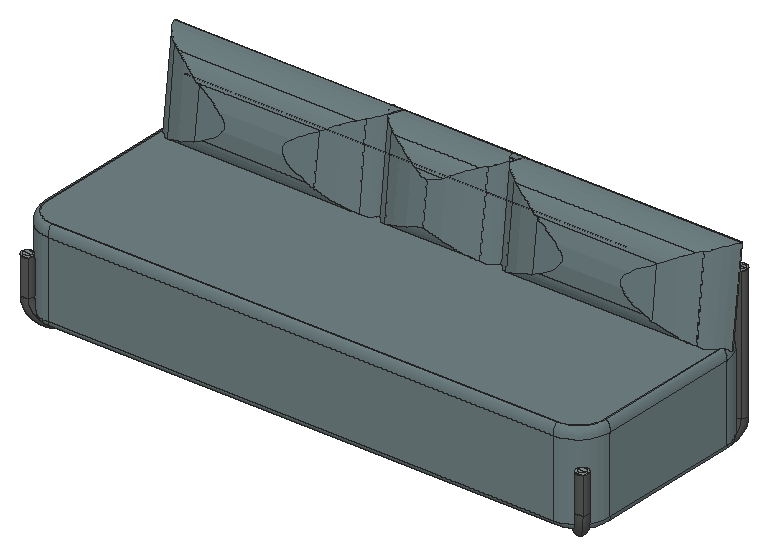
Revit family "FU_Modular_Sandler_Cosmo 1507", category Furniture, Revit 2020
Family settings
  OmniClass Number = 23.40.20.00
  OmniClass Title = General Furniture and Specialties
  Work Plane-Based = No
  Always vertical = Yes
  Cut with Voids When Loaded = No
  Shared = No
  Room Calculation Point = No
Parameters (values of type "Cosmo 1507")
  Width = 2370 mm
  URL = "https://www.sandlerseating.com/product/cosmo-1507/"
  Seat [instance] = Fabric - X2 - Polygon AK002
  Model = "Cosmo 1507"
  Manufacturer = "Sandler"
  Height = 800 mm
  Frame [instance] = Metal - Paint -AL VR - Matt Jet Black
  Description = "Three-seat sofa without armrests. Can be linked with other elements in the Cosmo range as a sectional sofa, or used as freestanding lounge seating."
  Depth = 880 mm
  Default Elevation = 0 mm
Reference planes
  plane 1 "Center (Front/Back)": y = 0
  plane 2: z = 0
  plane 3 "Center (Left/Right)": x = 0
  plane 4 "Right": x = -1185
  plane 5 "Left": x = 1185
  plane 6 "Back": y = 440
  plane 7 "Front": y = -440
  plane 8 "Height": z = 800
  plane 9 "Seat height": z = 440
  plane 10 "Frame Base C RIGHT": z = 33.282
  plane 11 "Frame Front C RIGHT": y = -414.45
  plane 12 "Frame Back C RIGHT": y = 415.775
  plane 13 "Frame Left C FRONT": x = 1160.501
  plane 14 "Frame Back Left C TOP": through (839.563, 94.979, 1200) normal (-0.7071, 0.7071, 0)
  plane 15 "Frame Front Left C TOP": through (839.497, -93.945, 1200) normal (0.7071, 0.7071, 0)
  plane 16 "Frame Right C FRONT": x = -1160.501
  plane 17 "Frame Back Right C TOP": through (-839.563, 94.979, 1200) normal (-0.7071, -0.7071, 0)
  plane 18 "Frame Front Right C TOP": through (-839.497, -93.945, 1200) normal (0.7071, -0.7071, 0)
  plane 19: x = 745.068
  plane 20 "Frame Left C FRONT": x = 530.501
  plane 21 "Frame Back Left C TOP": through (209.563, 94.979, 1200) normal (-0.7071, 0.7071, 0)
  plane 22 "Frame Front Left C TOP": through (209.497, -93.945, 1200) normal (0.7071, 0.7071, 0)
  plane 23: x = 115.068
  plane 24: x = -745.068
  plane 25 "Frame Right C FRONT": x = -530.501
  plane 26 "Frame Back Right C TOP": through (-209.563, 94.979, 1200) normal (-0.7071, -0.7071, 0)
  plane 27 "Frame Front Right C TOP": through (-209.497, -93.945, 1200) normal (0.7071, -0.7071, 0)
  plane 28: x = -115.068
  plane 29: z = 290
Forms (mm)
  Sweep 1, solid, material "Metal - Paint -AL VR - Matt Jet Black" <- "Frame"
    path origin (0, 0, 33.282) x (0, -1, 0) y (1, 0, 0)
      loop
        line (319.706, 1065.757) -> (73.771, 819.822)
        arc (73.771, 819.822) -> (-0.733, 788.961) -> (-75.238, 819.822) r 105.365
        line (-75.238, 819.822) -> (-321.173, 1065.757)
    profile "Pro_Circles : 48mm" origin (942.789, -196.738, 33.282) x (-0.707107, -0.707107, 0) y (0, 0, 1)
      loop
        arc (-23.967, 0.067) -> (-17.014, -16.92) -> (-0.066, -23.967) r 23.901
        arc (-0.066, -23.967) -> (16.967, -16.967) -> (23.967, 0.067) r 23.901
        arc (23.967, 0.067) -> (16.92, 17.014) -> (-0.067, 23.967) r 23.9
        arc (-0.067, 23.967) -> (-16.966, 16.966) -> (-23.967, 0.067) r 23.9
  Sweep 2, solid, material "Metal - Paint -AL VR - Matt Jet Black" <- "Frame"
    path origin (372.776, 372.776, 0) x (-0.707107, 0.707107, 0) y (0, 0, 1)
      loop
        line (-977.714, 33.282) -> (-1007.714, 33.282)
        arc (-1007.714, 33.282) -> (-1081.961, 64.036) -> (-1112.714, 138.282) r 105
        line (-1112.714, 138.282) -> (-1112.714, 290)
    profile "Pro_Circles : 48mm" origin (1074.731, -329.179, 33.282) x (0, 0, -1) y (0.707107, 0.707107, 0)
      loop
        arc (-23.967, 0.067) -> (-17.014, -16.92) -> (-0.066, -23.967) r 23.901
        arc (-0.066, -23.967) -> (16.967, -16.967) -> (23.967, 0.067) r 23.901
        arc (23.967, 0.067) -> (16.92, 17.014) -> (-0.067, 23.967) r 23.9
        arc (-0.067, 23.967) -> (-16.966, 16.966) -> (-23.967, 0.067) r 23.9
  Sweep 3, solid, material "Metal - Paint -AL VR - Matt Jet Black" <- "Frame"
    path origin (372.292, -372.292, 0) x (-0.707107, -0.707107, 0) y (0, 0, 1)
      loop
        line (-1112.714, 691) -> (-1112.714, 138.282)
        arc (-1112.714, 138.282) -> (-1081.961, 64.036) -> (-1007.714, 33.282) r 105
        line (-1007.714, 33.282) -> (-977.714, 33.282)
    profile "Pro_Circles : 48mm" origin (1159.1, 414.516, 414.641) x (-0.707107, -0.707107, 0) y (-0.707107, 0.707107, 0)
      loop
        arc (23.967, 0.067) -> (16.966, 16.966) -> (0.067, 23.967) r 23.9
        arc (0.067, 23.967) -> (-16.92, 17.014) -> (-23.967, 0.067) r 23.9
        arc (-23.967, 0.067) -> (-16.967, -16.967) -> (0.066, -23.967) r 23.901
        arc (0.066, -23.967) -> (17.014, -16.92) -> (23.967, 0.067) r 23.901
  Sweep 4, solid, material "Metal - Paint -AL VR - Matt Jet Black" <- "Frame"
    path origin (0, 0, 33.282) x (0, -1, 0) y (-1, 0, 0)
      loop
        line (319.955, 1065.508) -> (74.02, 819.573)
        arc (74.02, 819.573) -> (-0.484, 788.712) -> (-74.988, 819.573) r 105.365
        line (-74.988, 819.573) -> (-321.173, 1065.757)
    profile "Pro_Circles : 48mm" origin (-942.54, -196.988, 33.282) x (-0.707107, 0.707107, 0) y (0, 0, 1)
      loop
        arc (23.967, 0.067) -> (16.966, 16.966) -> (0.067, 23.967) r 23.9
        arc (0.067, 23.967) -> (-16.92, 17.014) -> (-23.967, 0.067) r 23.9
        arc (-23.967, 0.067) -> (-16.967, -16.967) -> (0.066, -23.967) r 23.901
        arc (0.066, -23.967) -> (17.014, -16.92) -> (23.967, 0.067) r 23.901
  Sweep 5, solid, material "Metal - Paint -AL VR - Matt Jet Black" <- "Frame"
    path origin (-687.97, 57.582, 0) x (0.707107, 0.707107, 0) y (0, 0, 1)
      loop
        line (-532.237, 33.282) -> (-562.237, 33.282)
        arc (-562.237, 33.282) -> (-636.483, 64.036) -> (-667.237, 138.282) r 105
        line (-667.237, 138.282) -> (-667.237, 290)
    profile "Pro_Circles : 48mm" origin (-1074.925, -329.373, 33.282) x (0, 0, 1) y (-0.707107, 0.707107, 0)
      loop
        arc (23.967, 0.067) -> (16.966, 16.966) -> (0.067, 23.967) r 23.9
        arc (0.067, 23.967) -> (-16.92, 17.014) -> (-23.967, 0.067) r 23.9
        arc (-23.967, 0.067) -> (-16.967, -16.967) -> (0.066, -23.967) r 23.901
        arc (0.066, -23.967) -> (17.014, -16.92) -> (23.967, 0.067) r 23.901
  Sweep 6, solid, material "Metal - Paint -AL VR - Matt Jet Black" <- "Frame"
    path origin (-687.087, -57.497, 0) x (0.707107, -0.707107, 0) y (0, 0, 1)
      loop
        line (-667.237, 691) -> (-667.237, 138.282)
        arc (-667.237, 138.282) -> (-636.483, 64.036) -> (-562.237, 33.282) r 105
        line (-562.237, 33.282) -> (-532.237, 33.282)
    profile "Pro_Circles : 48mm" origin (-1158.895, 414.31, 414.641) x (-0.707107, 0.707107, 0) y (0.707107, 0.707107, 0)
      loop
        arc (-23.967, 0.067) -> (-17.014, -16.92) -> (-0.066, -23.967) r 23.901
        arc (-0.066, -23.967) -> (16.967, -16.967) -> (23.967, 0.067) r 23.901
        arc (23.967, 0.067) -> (16.92, 17.014) -> (-0.067, 23.967) r 23.9
        arc (-0.067, 23.967) -> (-16.966, 16.966) -> (-23.967, 0.067) r 23.9
  Sweep 7, solid, material "Metal - Paint -AL VR - Matt Jet Black" <- "Frame"
    path origin (0, 415.775, 0) x (0, 0, 1) y (1, 0, 0)
      loop
        line (667.39, -1160.832) -> (667.39, 1160.168)
    profile "Pro_Cosmo_Oval Tube : Pro_Cosmo_Oval Tube" origin (-0.332, 415.775, 667.39) x (0, 0, -1) y (0, 1, 0)
      loop
        arc (-10.07, 10) -> (-20.07, 0) -> (-10.07, -10) r 10
        line (-10.07, -10) -> (10.07, -10)
        arc (10.07, -10) -> (20.07, 0) -> (10.07, 10) r 10
        line (10.07, 10) -> (-10.07, 10)
  Sweep 8, solid, material "Metal - Paint -AL VR - Matt Jet Black" <- "Frame"
    path origin (0, 415.775, 0) x (0, 0, 1) y (1, 0, 0)
      loop
        line (619.39, -1160.832) -> (619.39, 1160.168)
    profile "Pro_Cosmo_Oval Tube : Pro_Cosmo_Oval Tube" origin (-0.332, 415.775, 619.39) x (0, 0, -1) y (0, 1, 0)
      loop
        arc (-10.07, 10) -> (-20.07, 0) -> (-10.07, -10) r 10
        line (-10.07, -10) -> (10.07, -10)
        arc (10.07, -10) -> (20.07, 0) -> (10.07, 10) r 10
        line (10.07, 10) -> (-10.07, 10)
  Sweep 9, solid, material "Metal - Paint -AL VR - Matt Jet Black" <- "Frame"
    path origin (-77.135, 440, 0) x (-1, 0, 0) y (0, 0, 1)
      loop
        line (963.919, 643.39) -> (296.919, 643.39)
    profile "Pro_Circles : 20mm" origin (-707.553, 440, 643.39) x (0, 0, -1) y (0, 1, 0)
      loop
        arc (-9.967, -5.933) -> (-7.115, -13.02) -> (-0.067, -15.967) r 9.901
        arc (-0.067, -15.967) -> (7.068, -13.068) -> (9.967, -5.933) r 9.901
        arc (9.967, -5.933) -> (7.02, 1.115) -> (-0.067, 3.967) r 9.901
        arc (-0.067, 3.967) -> (-7.067, 1.067) -> (-9.967, -5.933) r 9.9
  Sweep 10, solid, material "Metal - Paint -AL VR - Matt Jet Black" <- "Frame"
    path origin (-1018.834, 415.775, 0) x (0, 0, 1) y (1, 0, 0)
      loop
        line (643.39, 640.957) -> (643.39, 648.957)
    profile "Pro_Circles : 24mm" origin (-373.877, 415.775, 643.39) x (0, 0, -1) y (0, 1, 0)
      loop
        arc (-11.967, 18.567) -> (-8.529, 10.066) -> (-0.067, 6.533) r 11.901
        arc (-0.067, 6.533) -> (8.482, 10.018) -> (11.967, 18.567) r 11.901
        arc (11.967, 18.567) -> (8.434, 27.029) -> (-0.067, 30.467) r 11.901
        arc (-0.067, 30.467) -> (-8.481, 26.981) -> (-11.967, 18.567) r 11.9
  Sweep 11, solid, material "Metal - Paint -AL VR - Matt Jet Black" <- "Frame"
    path origin (-78.502, 415.775, 0) x (0, 0, 1) y (-1, 0, 0)
      loop
        line (643.39, 955.957) -> (643.39, 963.957)
    profile "Pro_Circles : 24mm" origin (-1038.459, 415.775, 643.39) x (0, 0, 1) y (0, 1, 0)
      loop
        arc (11.967, 18.567) -> (8.481, 26.981) -> (0.067, 30.467) r 11.9
        arc (0.067, 30.467) -> (-8.434, 27.029) -> (-11.967, 18.567) r 11.901
        arc (-11.967, 18.567) -> (-8.482, 10.018) -> (0.067, 6.533) r 11.901
        arc (0.067, 6.533) -> (8.529, 10.066) -> (11.967, 18.567) r 11.901
  Revolve 12, solid, material "Rubber, Black"
    sketch origin (-0.781, -414.45, -401) x (0, 0, -1) y (1, 0, 0)
      loop
        line (-695.421, 1160.33) -> (-695.421, 1141.266)
        arc (-695.421, 1141.266) -> (-694.22, 1138.04) -> (-691.201, 1136.385) r 4.933
        arc (-691.201, 1136.385) -> (-690.636, 1136.55) -> (-690.39, 1137.086) r 0.708
        line (-690.39, 1137.086) -> (-690.39, 1138.836) -> (-685.421, 1138.836) -> (-685.421, 1160.33) -> (-695.421, 1160.33)
      axis (-695.421, 1160.33) -> (-685.421, 1160.33)
    angle from 0 to 360
  Revolve 13, solid, material "Rubber, Black"
    sketch origin (0.781, -414.45, -401) x (0, 0, -1) y (-1, 0, 0)
      loop
        line (-695.421, 1160.33) -> (-695.421, 1141.266)
        arc (-695.421, 1141.266) -> (-694.22, 1138.04) -> (-691.201, 1136.385) r 4.933
        arc (-691.201, 1136.385) -> (-690.636, 1136.55) -> (-690.39, 1137.086) r 0.708
        line (-690.39, 1137.086) -> (-690.39, 1138.836) -> (-685.421, 1138.836) -> (-685.421, 1160.33) -> (-695.421, 1160.33)
      axis (-695.421, 1160.33) -> (-685.421, 1160.33)
    angle from 0 to 360
  Revolve 14, solid, material "Rubber, Black"
    sketch origin (-0.781, 414.001, 0) x (0, 0, -1) y (-1, 0, 0)
      loop
        line (-695.421, -1160.33) -> (-685.421, -1160.33) -> (-685.421, -1138.836) -> (-690.39, -1138.836) -> (-690.39, -1137.086)
        arc (-690.39, -1137.086) -> (-690.636, -1136.55) -> (-691.201, -1136.385) r 0.708
        arc (-691.201, -1136.385) -> (-694.22, -1138.04) -> (-695.421, -1141.266) r 4.933
        line (-695.421, -1141.266) -> (-695.421, -1160.33)
      axis (-695.421, -1160.33) -> (-685.421, -1160.33)
    angle from 0 to 360
  Revolve 15, solid, material "Rubber, Black"
    sketch origin (0.781, 414.001, 0) x (0, 0, -1) y (-1, 0, 0)
      loop
        line (-695.421, 1160.33) -> (-695.421, 1141.266)
        arc (-695.421, 1141.266) -> (-694.22, 1138.04) -> (-691.201, 1136.385) r 4.933
        arc (-691.201, 1136.385) -> (-690.636, 1136.55) -> (-690.39, 1137.086) r 0.708
        line (-690.39, 1137.086) -> (-690.39, 1138.836) -> (-685.421, 1138.836) -> (-685.421, 1160.33) -> (-695.421, 1160.33)
      axis (-695.421, 1160.33) -> (-685.421, 1160.33)
    angle from 0 to 360
  Extrusion 16, solid, material "Rubber, Black"
    sketch origin (0, 0, 0) x (1, 0, 0) y (0, 1, 0)
      loop
        circle (1014.746, 270.162) r 12.5
    from 0 to 33.282
  Extrusion 17, solid, material "Rubber, Black"
    sketch origin (0, 0, 0) x (1, 0, 0) y (0, 1, 0)
      loop
        circle (1014.746, -270.162) r 12.5
    from 0 to 33.282
  Extrusion 18, solid, material "Rubber, Black"
    sketch origin (0, 0, 0) x (-1, 0, 0) y (0, -1, 0)
      loop
        circle (1014.746, -270.162) r 12.5
    from 0 to 33.282
  Extrusion 19, solid, material "Rubber, Black"
    sketch origin (0, 0, 0) x (-1, 0, 0) y (0, -1, 0)
      loop
        circle (1014.746, 270.162) r 12.5
    from 0 to 33.282
  Extrusion 20, solid, material "Fabric - X2 - Polygon AK002" <- "Seat"
    sketch origin (0, 0, 33.282) x (0, -1, 0) y (1, 0, 0)
      loop
        arc (-415.775, -1055.667) -> (-383.557, -1133.448) -> (-305.775, -1165.667) r 110
        line (-305.775, -1165.667) -> (304.45, -1165.667)
        arc (304.45, -1165.667) -> (382.232, -1133.448) -> (414.45, -1055.667) r 110
        line (414.45, -1055.667) -> (414.45, 1055.667)
        arc (414.45, 1055.667) -> (382.232, 1133.448) -> (304.45, 1165.667) r 110
        line (304.45, 1165.667) -> (-305.775, 1165.667)
        arc (-305.775, 1165.667) -> (-383.557, 1133.448) -> (-415.775, 1055.667) r 110
        line (-415.775, 1055.667) -> (-415.775, -1055.667)
    from 25.7 to 406.718
  Sweep 21, solid, material "Fabric - X2 - Polygon AK002" <- "Seat"
    path in 3D
      loop
        arc (-1165.667, -304.45, 440) -> (-1133.448, -382.232, 440) -> (-1055.667, -414.45, 440) r 110
        line (-1055.667, -414.45, 440) -> (1055.667, -414.45, 440)
        arc (1055.667, -414.45, 440) -> (1133.448, -382.232, 440) -> (1165.667, -304.45, 440) r 110
        line (1165.667, -304.45, 440) -> (1165.667, 305.775, 440)
        arc (1165.667, 305.775, 440) -> (1133.448, 383.557, 440) -> (1055.667, 415.775, 440) r 110
        line (1055.667, 415.775, 440) -> (-1055.667, 415.775, 440)
        arc (-1055.667, 415.775, 440) -> (-1133.448, 383.557, 440) -> (-1165.667, 305.775, 440) r 110
        line (-1165.667, 305.775, 440) -> (-1165.667, -304.45, 440)
    profile "Pro_Cosmo_SeatEdge : Pro_Cosmo_SeatEdge" origin (-1165.667, 0.662, 440) x (1, 0, 0) y (0, 0, 1)
      loop
        line (-21, -42) -> (-21, -360)
        arc (-21, -360) -> (-14.849, -374.849) -> (0, -381) r 21
        line (0, -381) -> (0, 0)
        spline (0, 0) -> (-2.741, -0.359) -> (-5.435, -1.431) -> (-8.036, -3.197) -> (-10.5, -5.627) -> (-12.784, -8.679) -> (-14.849, -12.302) -> (-16.66, -16.432) -> (-18.187, -21) -> (-19.401, -25.927) -> (-20.284, -31.13) -> (-20.82, -36.518) -> (-21, -42)
  Sweep 22, solid, material "Metal - Paint -AL VR - Matt Jet Black" <- "Frame"
    path origin (-630.774, 440, 0) x (1, 0, 0) y (0, 0, 1)
      loop
        line (858.313, 643.39) -> (403.313, 643.39)
    profile "Pro_Circles : 20mm" origin (0.04, 440, 643.39) x (0, 0, 1) y (0, 1, 0)
      loop
        arc (9.967, -5.933) -> (7.067, 1.067) -> (0.067, 3.967) r 9.9
        arc (0.067, 3.967) -> (-7.02, 1.115) -> (-9.967, -5.933) r 9.901
        arc (-9.967, -5.933) -> (-7.068, -13.068) -> (0.067, -15.967) r 9.901
        arc (0.067, -15.967) -> (7.115, -13.02) -> (9.967, -5.933) r 9.901
  Sweep 23, solid, material "Metal - Paint -AL VR - Matt Jet Black" <- "Frame"
    path origin (415.372, 415.775, 0) x (0, 0, 1) y (-1, 0, 0)
      loop
        line (643.39, 640.957) -> (643.39, 648.957)
    profile "Pro_Circles : 24mm" origin (-229.585, 415.775, 643.39) x (0, 0, 1) y (0, 1, 0)
      loop
        arc (11.967, 18.567) -> (8.481, 26.981) -> (0.067, 30.467) r 11.9
        arc (0.067, 30.467) -> (-8.434, 27.029) -> (-11.967, 18.567) r 11.901
        arc (-11.967, 18.567) -> (-8.482, 10.018) -> (0.067, 6.533) r 11.901
        arc (0.067, 6.533) -> (8.529, 10.066) -> (11.967, 18.567) r 11.901
  Sweep 24, solid, material "Metal - Paint -AL VR - Matt Jet Black" <- "Frame"
    path origin (-729.668, 415.775, 0) x (0, 0, 1) y (1, 0, 0)
      loop
        line (643.39, 955.957) -> (643.39, 963.957)
    profile "Pro_Circles : 24mm" origin (230.29, 415.775, 643.39) x (0, 0, -1) y (0, 1, 0)
      loop
        arc (-11.967, 18.567) -> (-8.529, 10.066) -> (-0.067, 6.533) r 11.901
        arc (-0.067, 6.533) -> (8.482, 10.018) -> (11.967, 18.567) r 11.901
        arc (11.967, 18.567) -> (8.434, 27.029) -> (-0.067, 30.467) r 11.901
        arc (-0.067, 30.467) -> (-8.481, 26.981) -> (-11.967, 18.567) r 11.9
  Sweep 25, solid, material "Metal - Paint -AL VR - Matt Jet Black" <- "Frame"
    path origin (36.64, 440, 0) x (1, 0, 0) y (0, 0, 1)
      loop
        line (963.919, 643.39) -> (296.919, 643.39)
    profile "Pro_Circles : 20mm" origin (667.059, 440, 643.39) x (0, 0, 1) y (0, 1, 0)
      loop
        arc (9.967, -5.933) -> (7.067, 1.067) -> (0.067, 3.967) r 9.9
        arc (0.067, 3.967) -> (-7.02, 1.115) -> (-9.967, -5.933) r 9.901
        arc (-9.967, -5.933) -> (-7.068, -13.068) -> (0.067, -15.967) r 9.901
        arc (0.067, -15.967) -> (7.115, -13.02) -> (9.967, -5.933) r 9.901
  Sweep 26, solid, material "Metal - Paint -AL VR - Matt Jet Black" <- "Frame"
    path origin (978.34, 415.775, 0) x (0, 0, 1) y (-1, 0, 0)
      loop
        line (643.39, 640.957) -> (643.39, 648.957)
    profile "Pro_Circles : 24mm" origin (333.383, 415.775, 643.39) x (0, 0, 1) y (0, 1, 0)
      loop
        arc (11.967, 18.567) -> (8.481, 26.981) -> (0.067, 30.467) r 11.9
        arc (0.067, 30.467) -> (-8.434, 27.029) -> (-11.967, 18.567) r 11.901
        arc (-11.967, 18.567) -> (-8.482, 10.018) -> (0.067, 6.533) r 11.901
        arc (0.067, 6.533) -> (8.529, 10.066) -> (11.967, 18.567) r 11.901
  Sweep 27, solid, material "Metal - Paint -AL VR - Matt Jet Black" <- "Frame"
    path origin (38.007, 415.775, 0) x (0, 0, 1) y (1, 0, 0)
      loop
        line (643.39, 955.957) -> (643.39, 963.957)
    profile "Pro_Circles : 24mm" origin (997.964, 415.775, 643.39) x (0, 0, -1) y (0, 1, 0)
      loop
        arc (-11.967, 18.567) -> (-8.529, 10.066) -> (-0.067, 6.533) r 11.901
        arc (-0.067, 6.533) -> (8.482, 10.018) -> (11.967, 18.567) r 11.901
        arc (11.967, 18.567) -> (8.434, 27.029) -> (-0.067, 30.467) r 11.901
        arc (-0.067, 30.467) -> (-8.481, 26.981) -> (-11.967, 18.567) r 11.9
  Sweep 28, solid, material "Metal - Paint -AL VR - Matt Jet Black" <- "Frame"
    path origin (77.135, 440, 0) x (1, 0, 0) y (0, 0, 1)
      loop
        line (963.919, 643.39) -> (296.919, 643.39)
    profile "Pro_Circles : 20mm" origin (707.553, 440, 643.39) x (0, 0, 1) y (0, 1, 0)
      loop
        arc (9.967, -5.933) -> (7.067, 1.067) -> (0.067, 3.967) r 9.9
        arc (0.067, 3.967) -> (-7.02, 1.115) -> (-9.967, -5.933) r 9.901
        arc (-9.967, -5.933) -> (-7.068, -13.068) -> (0.067, -15.967) r 9.901
        arc (0.067, -15.967) -> (7.115, -13.02) -> (9.967, -5.933) r 9.901
  Sweep 29, solid, material "Metal - Paint -AL VR - Matt Jet Black" <- "Frame"
    path origin (1018.834, 415.775, 0) x (0, 0, 1) y (-1, 0, 0)
      loop
        line (643.39, 640.957) -> (643.39, 648.957)
    profile "Pro_Circles : 24mm" origin (373.877, 415.775, 643.39) x (0, 0, 1) y (0, 1, 0)
      loop
        arc (11.967, 18.567) -> (8.481, 26.981) -> (0.067, 30.467) r 11.9
        arc (0.067, 30.467) -> (-8.434, 27.029) -> (-11.967, 18.567) r 11.901
        arc (-11.967, 18.567) -> (-8.482, 10.018) -> (0.067, 6.533) r 11.901
        arc (0.067, 6.533) -> (8.529, 10.066) -> (11.967, 18.567) r 11.901
  Sweep 30, solid, material "Metal - Paint -AL VR - Matt Jet Black" <- "Frame"
    path origin (78.502, 415.775, 0) x (0, 0, 1) y (1, 0, 0)
      loop
        line (643.39, 955.957) -> (643.39, 963.957)
    profile "Pro_Circles : 24mm" origin (1038.459, 415.775, 643.39) x (0, 0, -1) y (0, 1, 0)
      loop
        arc (-11.967, 18.567) -> (-8.529, 10.066) -> (-0.067, 6.533) r 11.901
        arc (-0.067, 6.533) -> (8.482, 10.018) -> (11.967, 18.567) r 11.901
        arc (11.967, 18.567) -> (8.434, 27.029) -> (-0.067, 30.467) r 11.901
        arc (-0.067, 30.467) -> (-8.481, 26.981) -> (-11.967, 18.567) r 11.9
Cuts and joins
  joined: Sweep 9, Sweep 10, Sweep 11
Lines and regions (mm)
  sketch lines
    curve 1: line (-1165.667, 305.775, 440) -> (-1165.667, -304.45, 440)
    curve 2: arc (-1055.667, -414.45, 440) -> (-1133.448, -382.232, 440) -> (-1165.667, -304.45, 440) r 110
    curve 3: line (-1055.667, -414.45, 440) -> (1055.667, -414.45, 440)
    curve 4: arc (1165.667, -304.45, 440) -> (1133.448, -382.232, 440) -> (1055.667, -414.45, 440) r 110
    curve 5: line (1165.667, -304.45, 440) -> (1165.667, 305.775, 440)
    curve 6: arc (1055.667, 415.775, 440) -> (1133.448, 383.557, 440) -> (1165.667, 305.775, 440) r 110
    curve 7: line (1055.667, 415.775, 440) -> (-1055.667, 415.775, 440)
    curve 8: arc (-1165.667, 305.775, 440) -> (-1133.448, 383.557, 440) -> (-1055.667, 415.775, 440) r 110
Dimensions and locks
  equal spacing: plane 4 "Right", plane 3 "Center (Left/Right)", plane 5 "Left"
  "Width": plane 4 "Right" to plane 5 "Left"
  equal spacing: plane 6 "Back", plane 1 "Center (Front/Back)", plane 7 "Front"
  "Depth": plane 6 "Back" to plane 7 "Front"
  "Height": plane 8 "Height" to level
  plane 9 "Seat height" to level = 440 mm
  locked: plane 4 "Right" to plane 16 "Frame Right C FRONT" at 24.499
  locked: plane 13 "Frame Left C FRONT" to plane 5 "Left" at 24.499
  locked: plane 19 to plane 13 "Frame Left C FRONT" at 415.433
  locked: plane 16 "Frame Right C FRONT" to plane 24 at 415.433
  aligned and locked: level to plane 2
  aligned and locked: Sweep 4 sketch curve to plane 18 "Frame Front Right C TOP"
  aligned and locked: Sweep 4 sketch curve to plane 17 "Frame Back Right C TOP"
Automatic sketch dimensions
  Sweep 1 sketch curve to plane 14 "Frame Back Left C TOP" = 0 mm  (x2)
  plane 19 to Sweep 1 sketch curve = 74.754 mm
  Sweep 1 sketch curve to plane 1 "Center (Front/Back)" = 0.733 mm
  plane 1 "Center (Front/Back)" to Sweep 1 sketch curve = 73.771 mm
  Sweep 1 sketch curve to Sweep 1 sketch curve = 74.504 mm
  Sweep 1 sketch curve to plane 12 "Frame Back C RIGHT" = 94.602 mm
  Sweep 1 sketch curve to plane 11 "Frame Front C RIGHT" = 94.744 mm
  Sweep 1 sketch curve to plane 13 "Frame Left C FRONT" = 94.744 mm
  plane 10 "Frame Base C RIGHT" to Sweep 3 sketch curve = 0 mm
  plane 10 "Frame Base C RIGHT" to Sweep 3 sketch curve = 105 mm
  plane 15 "Frame Front Left C TOP" to Sweep 3 sketch curve = 585.529 mm
  Sweep 3 sketch curve to Sweep 3 sketch curve = 30 mm
  Sweep 3 sketch curve to plane 8 "Height" = 109 mm
  plane 24 to Sweep 4 sketch curve = 74.504 mm
  Sweep 4 sketch curve to plane 1 "Center (Front/Back)" = 74.02 mm
  Sweep 4 sketch curve to Sweep 4 sketch curve = 74.504 mm
  plane 12 "Frame Back C RIGHT" to Sweep 4 sketch curve = 94.602 mm
  plane 11 "Frame Front C RIGHT" to Sweep 4 sketch curve = 94.495 mm
  plane 10 "Frame Base C RIGHT" to Sweep 6 sketch curve = 0 mm
  Sweep 6 sketch curve to plane 10 "Frame Base C RIGHT" = 105 mm
  Sweep 6 sketch curve to plane 18 "Frame Front Right C TOP" = 585.239 mm
  Sweep 6 sketch curve to Sweep 6 sketch curve = 30 mm
  plane 8 "Height" to Sweep 6 sketch curve = 109 mm
  Sweep 7 sketch curve to plane 13 "Frame Left C FRONT" = 0.333 mm
  Sweep 7 sketch curve to plane 8 "Height" = 132.61 mm
  plane 16 "Frame Right C FRONT" to Sweep 7 sketch curve = 0.331 mm
  Sweep 8 sketch curve to plane 13 "Frame Left C FRONT" = 0.333 mm
  plane 9 "Seat height" to Sweep 8 sketch curve = 179.39 mm
  plane 16 "Frame Right C FRONT" to Sweep 8 sketch curve = 0.331 mm
  Sweep 9 sketch curve to plane 8 "Height" = 156.61 mm
  plane 24 to Sweep 9 sketch curve = 371.015 mm
  Sweep 9 sketch curve to plane 16 "Frame Right C FRONT" = 119.448 mm
  Sweep 10 sketch curve to plane 8 "Height" = 156.61 mm
  plane 24 to Sweep 10 sketch curve = 367.191 mm
  Sweep 10 sketch curve to Sweep 10 sketch curve = 8 mm
  plane 8 "Height" to Sweep 11 sketch curve = 156.61 mm
  plane 16 "Frame Right C FRONT" to Sweep 11 sketch curve = 126.042 mm
  Sweep 11 sketch curve to Sweep 11 sketch curve = 8 mm
  Revolve 12 sketch curve to plane 13 "Frame Left C FRONT" = 0.952 mm  (x2)
  Revolve 12 sketch curve to plane 8 "Height" = 505.579 mm
  Revolve 12 sketch curve to Revolve 12 sketch curve = 4.322 mm
  Revolve 12 sketch curve to Revolve 12 sketch curve = 0.611 mm
  Revolve 12 sketch curve to Revolve 12 sketch curve = 0.708 mm
  Revolve 12 sketch curve to Revolve 12 sketch curve = 4.97 mm
  Revolve 12 sketch curve to Revolve 12 sketch curve = 19.065 mm
  Revolve 12 sketch curve to Revolve 12 sketch curve = 2.43 mm
  Revolve 12 sketch curve to Revolve 12 sketch curve = 1.75 mm
  Revolve 12 sketch curve to Revolve 12 sketch curve = 7.372 mm
  Revolve 12 sketch curve to Revolve 12 sketch curve = 19.192 mm
  plane 16 "Frame Right C FRONT" to Revolve 13 sketch curve = 0.952 mm  (x2)
  plane 8 "Height" to Revolve 13 sketch curve = 505.579 mm
  Revolve 13 sketch curve to Revolve 13 sketch curve = 4.322 mm
  Revolve 13 sketch curve to Revolve 13 sketch curve = 0.611 mm
  Revolve 13 sketch curve to Revolve 13 sketch curve = 0.708 mm
  Revolve 13 sketch curve to Revolve 13 sketch curve = 4.97 mm
  Revolve 13 sketch curve to Revolve 13 sketch curve = 19.065 mm
  Revolve 13 sketch curve to Revolve 13 sketch curve = 2.43 mm
  Revolve 13 sketch curve to Revolve 13 sketch curve = 1.75 mm
  Revolve 13 sketch curve to Revolve 13 sketch curve = 7.372 mm
  Revolve 13 sketch curve to Revolve 13 sketch curve = 19.192 mm
  Revolve 14 sketch curve to plane 13 "Frame Left C FRONT" = 0.952 mm  (x2)
  Revolve 14 sketch curve to plane 8 "Height" = 104.579 mm
  Revolve 14 sketch curve to Revolve 14 sketch curve = 4.322 mm
  Revolve 14 sketch curve to Revolve 14 sketch curve = 0.611 mm
  Revolve 14 sketch curve to Revolve 14 sketch curve = 0.708 mm
  Revolve 14 sketch curve to Revolve 14 sketch curve = 4.97 mm
  Revolve 14 sketch curve to Revolve 14 sketch curve = 19.065 mm
  Revolve 14 sketch curve to Revolve 14 sketch curve = 2.43 mm
  Revolve 14 sketch curve to Revolve 14 sketch curve = 1.75 mm
  Revolve 14 sketch curve to Revolve 14 sketch curve = 7.372 mm
  Revolve 14 sketch curve to Revolve 14 sketch curve = 19.192 mm
  Revolve 15 sketch curve to plane 16 "Frame Right C FRONT" = 0.952 mm  (x2)
  Revolve 15 sketch curve to plane 8 "Height" = 104.579 mm
  Revolve 15 sketch curve to Revolve 15 sketch curve = 4.322 mm
  Revolve 15 sketch curve to Revolve 15 sketch curve = 0.611 mm
  Revolve 15 sketch curve to Revolve 15 sketch curve = 0.708 mm
  Revolve 15 sketch curve to Revolve 15 sketch curve = 4.97 mm
  Revolve 15 sketch curve to Revolve 15 sketch curve = 19.065 mm
  Revolve 15 sketch curve to Revolve 15 sketch curve = 2.43 mm
  Revolve 15 sketch curve to Revolve 15 sketch curve = 1.75 mm
  Revolve 15 sketch curve to Revolve 15 sketch curve = 7.372 mm
  Revolve 15 sketch curve to Revolve 15 sketch curve = 19.192 mm
  Extrusion 16 sketch curve to plane 14 "Frame Back Left C TOP" = 0 mm
  Extrusion 16 sketch curve to plane 12 "Frame Back C RIGHT" = 145.613 mm
  plane 13 "Frame Left C FRONT" to Extrusion 17 sketch curve = 145.755 mm
  plane 11 "Frame Front C RIGHT" to Extrusion 17 sketch curve = 144.288 mm
  Extrusion 18 sketch curve to plane 17 "Frame Back Right C TOP" = 0 mm
  plane 12 "Frame Back C RIGHT" to Extrusion 18 sketch curve = 145.613 mm
  Extrusion 19 sketch curve to plane 16 "Frame Right C FRONT" = 145.755 mm
  Extrusion 19 sketch curve to plane 11 "Frame Front C RIGHT" = 144.288 mm
  Extrusion 20 sketch curve to plane 12 "Frame Back C RIGHT" = 0 mm
  plane 11 "Frame Front C RIGHT" to Extrusion 20 sketch curve = 0 mm
  Extrusion 20 sketch curve to Extrusion 20 sketch curve = 110 mm
  plane 16 "Frame Right C FRONT" to Extrusion 20 sketch curve = 5.165 mm
  Extrusion 20 sketch curve to plane 12 "Frame Back C RIGHT" = 110 mm
  Extrusion 20 sketch curve to plane 16 "Frame Right C FRONT" = 104.835 mm
  plane 13 "Frame Left C FRONT" to Extrusion 20 sketch curve = 5.165 mm
  Extrusion 20 sketch curve to plane 11 "Frame Front C RIGHT" = 110 mm
  plane 3 "Center (Left/Right)" to Sweep 22 sketch curve = 227.46 mm
  plane 8 "Height" to Sweep 22 sketch curve = 156.61 mm
  Sweep 22 sketch curve to plane 3 "Center (Left/Right)" = 227.54 mm
  plane 8 "Height" to Sweep 23 sketch curve = 156.61 mm
  plane 3 "Center (Left/Right)" to Sweep 23 sketch curve = 225.585 mm
  Sweep 23 sketch curve to Sweep 23 sketch curve = 8 mm
  Sweep 24 sketch curve to plane 8 "Height" = 156.61 mm
  plane 3 "Center (Left/Right)" to Sweep 24 sketch curve = 226.29 mm
  Sweep 24 sketch curve to Sweep 24 sketch curve = 8 mm
  plane 8 "Height" to Sweep 25 sketch curve = 156.61 mm
  Sweep 25 sketch curve to plane 3 "Center (Left/Right)" = 333.559 mm
  plane 13 "Frame Left C FRONT" to Sweep 25 sketch curve = 159.942 mm
  plane 8 "Height" to Sweep 26 sketch curve = 156.61 mm
  Sweep 26 sketch curve to plane 3 "Center (Left/Right)" = 337.383 mm
  Sweep 26 sketch curve to Sweep 26 sketch curve = 8 mm
  Sweep 27 sketch curve to plane 8 "Height" = 156.61 mm
  Sweep 27 sketch curve to plane 13 "Frame Left C FRONT" = 166.537 mm
  Sweep 27 sketch curve to Sweep 27 sketch curve = 8 mm
  plane 8 "Height" to Sweep 28 sketch curve = 156.61 mm
  plane 19 to Sweep 28 sketch curve = 371.015 mm
  plane 13 "Frame Left C FRONT" to Sweep 28 sketch curve = 119.448 mm
  plane 8 "Height" to Sweep 29 sketch curve = 156.61 mm
  plane 19 to Sweep 29 sketch curve = 367.191 mm
  Sweep 29 sketch curve to Sweep 29 sketch curve = 8 mm
  Sweep 30 sketch curve to plane 8 "Height" = 156.61 mm
  Sweep 30 sketch curve to plane 13 "Frame Left C FRONT" = 126.042 mm
  Sweep 30 sketch curve to Sweep 30 sketch curve = 8 mm
  plane 29 to Sweep 5 sketch curve = 0 mm
  plane 10 "Frame Base C RIGHT" to Sweep 5 sketch curve = 0 mm
  Sweep 5 sketch curve to plane 10 "Frame Base C RIGHT" = 105 mm
  plane 17 "Frame Back Right C TOP" to Sweep 5 sketch curve = 586.488 mm
  Sweep 5 sketch curve to Sweep 5 sketch curve = 30 mm
  plane 29 to Sweep 2 sketch curve = 0 mm
  plane 10 "Frame Base C RIGHT" to Sweep 2 sketch curve = 0 mm
  plane 10 "Frame Base C RIGHT" to Sweep 2 sketch curve = 105 mm
  Sweep 2 sketch curve to plane 14 "Frame Back Left C TOP" = 586.214 mm
  Sweep 2 sketch curve to Sweep 2 sketch curve = 30 mm
  radius of Extrusion 16 sketch curve = 12.5 mm
  radius of Extrusion 17 sketch curve = 12.5 mm
  radius of Extrusion 18 sketch curve = 12.5 mm
  radius of Extrusion 19 sketch curve = 12.5 mm
Nested families
  nested 1: "Cosmo_Cushion_SmlMid" at (0, 321.074, 0) x (0, -1, 0) z (0, 0, 1), Cushion <- "Seat", type "Cosmo_Cushion_SmlMid"
    with Cushion Fabric - X2 - Polygon AK002
  nested 2: "Cosmo_Cushion_Back" at (-706.459, 320.447, 0), Cushion <- "Seat", type "Cosmo_Cushion_Back"
    with Cushion Fabric - X2 - Polygon AK002
  nested 3: "Cosmo_Cushion_Back" at (706.459, 320.447, 0) x (-1, 0, 0) z (0, 0, 1), Cushion <- "Seat", type "Cosmo_Cushion_Back"
    with Cushion Fabric - X2 - Polygon AK002
Definition of nested family "Cosmo_Cushion_SmlMid"
  Parameters (values of type "Cosmo_Cushion_SmlMid")
    Width = 816 mm
    Height = 895 mm
    Depth = 242 mm
    Default Elevation = 0 mm
    Cushion [instance] = none
  Reference planes
    plane 1 "Center (Front/Back)": y = 0
    plane 2: z = 0
    plane 3 "Center (Left/Right)": x = 0
    plane 4 "Right": x = -408
    plane 5 "Left": x = 408
    plane 6 "Back": y = 121
    plane 7 "Front": y = -121
    plane 8 "Height": z = 895
    plane 9 "Seat height": z = 610
    plane 10: y = 280
    plane 11: y = -280
  Forms (mm)
    Extrusion 1, solid, material <- "Cushion"
      sketch origin (71.559, 0.04, 4.157) x (-0.993272, 0, -0.115804) y (-0.115804, 0, 0.993272)
        loop
          arc (41.159, 812.819) -> (-14.136, 800.872) -> (-62.73, 771.909) r 174.996
          arc (-62.73, 771.909) -> (-87.968, 742.637) -> (-102.759, 706.93) r 121.741
          arc (-102.759, 706.93) -> (-120.989, 610.725) -> (-110.053, 513.42) r 328.506
          arc (-110.053, 513.42) -> (-92.656, 476.931) -> (-63.329, 449.109) r 110.825
          arc (-63.329, 449.109) -> (-12.607, 427.271) -> (42.487, 423.5) r 164.061
          arc (42.487, 423.5) -> (46.686, 425.715) -> (48.953, 429.886) r 8.201
          arc (48.953, 429.886) -> (61.044, 443.076) -> (69.891, 458.629) r 79.783
          arc (69.891, 458.629) -> (89.843, 502.541) -> (86.114, 550.63) r 96.742
          arc (86.114, 550.63) -> (72.495, 621.117) -> (78.671, 692.642) r 260.015
          arc (78.671, 692.642) -> (81, 726.495) -> (72.828, 759.429) r 109.238
          arc (72.828, 759.429) -> (63.174, 784.321) -> (47.936, 806.244) r 112.715
          arc (47.936, 806.244) -> (45.978, 811.006) -> (41.159, 812.819) r 6.452
      from -490 to 490
    Extrusion 2, void
      sketch origin (71.559, 0.04, 4.157) x (0, 1, 0) y (-0.993272, 0, -0.115804)
        loop
          arc (-227.839, 76.363) -> (-258.326, 65.364) -> (-280.04, 41.303) r 66.755
          arc (-280.04, 41.303) -> (-248.873, -12.378) -> (-199.99, -50.633) r 164.019
          arc (-199.99, -50.633) -> (-103.651, -92.51) -> (-0.04, -109.823) r 430.737
          arc (-0.04, -109.823) -> (103.571, -92.51) -> (199.911, -50.633) r 430.737
          arc (199.911, -50.633) -> (248.794, -12.378) -> (279.96, 41.303) r 164.019
          arc (279.96, 41.303) -> (258.247, 65.364) -> (227.76, 76.363) r 66.755
          arc (227.76, 76.363) -> (113.998, 85.684) -> (-0.04, 90.61) r 2958.413
          arc (-0.04, 90.61) -> (-114.077, 85.684) -> (-227.839, 76.363) r 2958.413
        loop
          line (-500, 135) -> (-500, -135) -> (500, -135) -> (500, 135) -> (-500, 135)
      from 380.143 to 855.619
    Extrusion 3, solid, material <- "Cushion"
      sketch origin (71.559, 0.04, 4.157) x (-0.993272, 0, -0.115804) y (-0.115804, 0, 0.993272)
        loop
          arc (102.559, 646.805) -> (121.202, 654.681) -> (102.61, 662.676) r 11
          arc (102.61, 662.676) -> (81.213, 656.455) -> (67.34, 673.893) r 20
          line (67.34, 673.893) -> (67.34, 635.527)
          arc (67.34, 635.527) -> (81.175, 652.954) -> (102.559, 646.805) r 20
      from -225 to 225
  Cuts and joins
    Extrusion 2 cuts Extrusion 1
  Dimensions and locks
    equal spacing: plane 4 "Right", plane 3 "Center (Left/Right)", plane 5 "Left"
    "Width": plane 4 "Right" to plane 5 "Left"
    equal spacing: plane 6 "Back", plane 1 "Center (Front/Back)", plane 7 "Front"
    "Depth": plane 6 "Back" to plane 7 "Front"
    "Height": plane 8 "Height" to level
    plane 9 "Seat height" to level = 610 mm
    equal spacing: plane 10, plane 1 "Center (Front/Back)", plane 11
    plane 10 to plane 11 = 560 mm
    aligned and locked: level to plane 2
  Automatic sketch dimensions
    plane 3 "Center (Left/Right)" to Extrusion 1 sketch curve = 22.963 mm
    plane 9 "Seat height" to Extrusion 1 sketch curve = 124.85 mm
    Extrusion 1 sketch curve to Extrusion 1 sketch curve = 8.526 mm
    Extrusion 1 sketch curve to Extrusion 1 sketch curve = 22.393 mm
    Extrusion 1 sketch curve to Extrusion 1 sketch curve = 1.986 mm
    Extrusion 1 sketch curve to Extrusion 1 sketch curve = 2.433 mm
    Extrusion 1 sketch curve to Extrusion 1 sketch curve = 43.505 mm
    Extrusion 1 sketch curve to Extrusion 1 sketch curve = 28.981 mm
    Extrusion 1 sketch curve to Extrusion 1 sketch curve = 44.366 mm
    Extrusion 1 sketch curve to Extrusion 1 sketch curve = 77.833 mm
    Extrusion 1 sketch curve to Extrusion 1 sketch curve = 34.301 mm
    Extrusion 1 sketch curve to Extrusion 1 sketch curve = 157.299 mm
    Extrusion 1 sketch curve to Extrusion 1 sketch curve = 124.87 mm
    Extrusion 1 sketch curve to Extrusion 1 sketch curve = 14.43 mm
    Extrusion 1 sketch curve to Extrusion 1 sketch curve = 38.19 mm
    Extrusion 1 sketch curve to Extrusion 1 sketch curve = 40.738 mm
    Extrusion 1 sketch curve to Extrusion 1 sketch curve = 3.321 mm
    Extrusion 1 sketch curve to Extrusion 1 sketch curve = 36.374 mm
    Extrusion 1 sketch curve to Extrusion 1 sketch curve = 51.318 mm
    Extrusion 1 sketch curve to Extrusion 1 sketch curve = 44.656 mm
    Extrusion 1 sketch curve to Extrusion 1 sketch curve = 22.732 mm
    Extrusion 1 sketch curve to Extrusion 1 sketch curve = 29.289 mm
    Extrusion 1 sketch curve to Extrusion 1 sketch curve = 58.501 mm
    Extrusion 1 sketch curve to Extrusion 1 sketch curve = 74.971 mm
    Extrusion 1 sketch curve to Extrusion 1 sketch curve = 26.382 mm
    Extrusion 1 sketch curve to Extrusion 1 sketch curve = 0 mm  (x4)
    Extrusion 1 sketch curve to Extrusion 1 sketch curve = 59.886 mm
    Extrusion 1 sketch curve to Extrusion 1 sketch curve = 66.411 mm
    Extrusion 1 sketch curve to Extrusion 1 sketch curve = 1.564 mm
    Extrusion 1 sketch curve to Extrusion 1 sketch curve = 6.451 mm
    Extrusion 1 sketch curve to Extrusion 1 sketch curve = 8.03 mm
    Extrusion 1 sketch curve to Extrusion 1 sketch curve = 20.938 mm
    Extrusion 1 sketch curve to Extrusion 1 sketch curve = 24.892 mm
    plane 9 "Seat height" to Extrusion 3 sketch curve = 55.718 mm
    Extrusion 3 sketch curve to plane 3 "Center (Left/Right)" = 73.368 mm
    Extrusion 3 sketch curve to Extrusion 3 sketch curve = 19.934 mm  (x2)
    Extrusion 3 sketch curve to Extrusion 3 sketch curve = 22.928 mm
    Extrusion 3 sketch curve to Extrusion 3 sketch curve = 19.177 mm
    Extrusion 3 sketch curve to Extrusion 3 sketch curve = 38.366 mm
    Extrusion 3 sketch curve to Extrusion 3 sketch curve = 1.621 mm  (x2)
    Extrusion 3 sketch curve to Extrusion 3 sketch curve = 7.643 mm
    Extrusion 2 sketch curve to plane 11 = 219.96 mm
    plane 11 to Extrusion 2 sketch curve = 58.934 mm
    plane 7 "Front" to Extrusion 2 sketch curve = 139.652 mm
    Extrusion 2 sketch curve to plane 1 "Center (Front/Back)" = 70.618 mm
    plane 1 "Center (Front/Back)" to Extrusion 2 sketch curve = 70.618 mm
    Extrusion 2 sketch curve to plane 6 "Back" = 139.652 mm
    Extrusion 2 sketch curve to plane 10 = 154.866 mm
    Extrusion 2 sketch curve to plane 10 = 58.934 mm
    Extrusion 2 sketch curve to Extrusion 2 sketch curve = 278.974 mm
    Extrusion 2 sketch curve to Extrusion 2 sketch curve = 0 mm  (x4)
    Extrusion 2 sketch curve to Extrusion 2 sketch curve = 2731.961 mm
    Extrusion 2 sketch curve to Extrusion 2 sketch curve = 144.948 mm
    Extrusion 2 sketch curve to Extrusion 2 sketch curve = 85.38 mm  (x2)
    Extrusion 2 sketch curve to Extrusion 2 sketch curve = 125.052 mm
    Extrusion 2 sketch curve to Extrusion 2 sketch curve = 225.182 mm
    Extrusion 2 sketch curve to Extrusion 2 sketch curve = 58.934 mm
    Extrusion 2 sketch curve to Extrusion 2 sketch curve = 52.2 mm  (x2)
    plane 11 to Extrusion 2 sketch curve = 80.05 mm
    plane 7 "Front" to Extrusion 2 sketch curve = 121 mm  (x2)
    Extrusion 2 sketch curve to plane 10 = 80.05 mm
    Extrusion 2 sketch curve to Extrusion 2 sketch curve = 6.734 mm
Definition of nested family "Cosmo_Cushion_Back"
  Parameters (values of type "Cosmo_Cushion_Back")
    Width = 470 mm
    Height = 895 mm
    Depth = 503 mm
    Default Elevation = 0 mm
    Cushion [instance] = none
  Reference planes
    plane 1 "Center (Front/Back)": y = 0
    plane 2: z = 0
    plane 3 "Center (Left/Right)": x = 0
    plane 4 "Right": x = -235
    plane 5 "Left": x = 235
    plane 6 "Back": y = 251.5
    plane 7 "Front": y = -251.5
    plane 8 "Height": z = 895
    plane 9 "Seat height": z = 610
  Forms (mm)
    Extrusion 1, solid, material <- "Cushion"
      sketch origin (0, -71.553, 4.157) x (0, 0.993272, -0.115804) y (0, 0.115804, 0.993272)
        loop
          arc (41.159, 812.819) -> (-14.136, 800.872) -> (-62.73, 771.909) r 174.996
          arc (-62.73, 771.909) -> (-87.968, 742.637) -> (-102.759, 706.93) r 121.741
          arc (-102.759, 706.93) -> (-120.989, 610.725) -> (-110.053, 513.42) r 328.506
          arc (-110.053, 513.42) -> (-92.656, 476.931) -> (-63.329, 449.109) r 110.825
          arc (-63.329, 449.109) -> (-12.607, 427.271) -> (42.487, 423.5) r 164.061
          arc (42.487, 423.5) -> (46.686, 425.715) -> (48.953, 429.886) r 8.201
          arc (48.953, 429.886) -> (61.044, 443.076) -> (69.891, 458.629) r 79.783
          arc (69.891, 458.629) -> (89.843, 502.541) -> (86.114, 550.63) r 96.742
          arc (86.114, 550.63) -> (72.495, 621.117) -> (78.671, 692.642) r 260.015
          arc (78.671, 692.642) -> (81, 726.495) -> (72.828, 759.429) r 109.238
          arc (72.828, 759.429) -> (63.174, 784.321) -> (47.936, 806.244) r 112.715
          arc (47.936, 806.244) -> (45.978, 811.006) -> (41.159, 812.819) r 6.452
      from -490 to 490
    Extrusion 2, void
      sketch origin (0, -71.553, 4.157) x (1, 0, 0) y (0, 0.993272, -0.115804)
        loop
          arc (-426.484, 76.363) -> (-456.97, 65.364) -> (-478.684, 41.303) r 66.755
          arc (-478.684, 41.303) -> (-447.517, -12.378) -> (-398.634, -50.633) r 164.019
          arc (-398.634, -50.633) -> (-327.352, -84.25) -> (-251.139, -104.317) r 430.737
          arc (-251.139, -104.317) -> (-125.992, -120.779) -> (0, -128.434) r 1800.959
          arc (0, -128.434) -> (125.992, -120.779) -> (251.139, -104.317) r 1800.959
          arc (251.139, -104.317) -> (327.352, -84.25) -> (398.634, -50.633) r 430.737
          arc (398.634, -50.633) -> (447.517, -12.378) -> (478.684, 41.303) r 164.019
          arc (478.684, 41.303) -> (456.97, 65.364) -> (426.484, 76.363) r 66.755
          arc (426.484, 76.363) -> (330.848, 84.495) -> (235, 89.519) r 2958.413
          arc (235, 89.519) -> (117.518, 93.011) -> (0, 94.988) r 9120.193
          arc (0, 94.988) -> (-117.518, 93.011) -> (-235, 89.519) r 9120.193
          arc (-235, 89.519) -> (-330.848, 84.495) -> (-426.484, 76.363) r 2958.413
        loop
          line (-500, 135) -> (-500, -135) -> (500, -135) -> (500, 135) -> (-500, 135)
      from 380.143 to 855.619
    Extrusion 3, solid, material <- "Cushion"
      sketch origin (0, -71.553, 4.157) x (0, 0.993272, -0.115804) y (0, 0.115804, 0.993272)
        loop
          arc (102.559, 646.805) -> (121.202, 654.681) -> (102.61, 662.676) r 11
          arc (102.61, 662.676) -> (81.213, 656.455) -> (67.34, 673.893) r 20
          line (67.34, 673.893) -> (67.34, 635.527)
          arc (67.34, 635.527) -> (81.175, 652.954) -> (102.559, 646.805) r 20
      from -328 to 328
  Cuts and joins
    Extrusion 2 cuts Extrusion 1
  Dimensions and locks
    equal spacing: plane 4 "Right", plane 3 "Center (Left/Right)", plane 5 "Left"
    "Width": plane 4 "Right" to plane 5 "Left"
    equal spacing: plane 6 "Back", plane 1 "Center (Front/Back)", plane 7 "Front"
    "Depth": plane 6 "Back" to plane 7 "Front"
    "Height": plane 8 "Height" to level
    plane 9 "Seat height" to level = 610 mm
    aligned and locked: level to plane 2
  Automatic sketch dimensions
    plane 1 "Center (Front/Back)" to Extrusion 1 sketch curve = 22.957 mm
    plane 9 "Seat height" to Extrusion 1 sketch curve = 124.85 mm
    Extrusion 1 sketch curve to Extrusion 1 sketch curve = 8.526 mm
    Extrusion 1 sketch curve to Extrusion 1 sketch curve = 22.393 mm
    Extrusion 1 sketch curve to Extrusion 1 sketch curve = 1.986 mm
    Extrusion 1 sketch curve to Extrusion 1 sketch curve = 2.433 mm
    Extrusion 1 sketch curve to Extrusion 1 sketch curve = 43.505 mm
    Extrusion 1 sketch curve to Extrusion 1 sketch curve = 28.981 mm
    Extrusion 1 sketch curve to Extrusion 1 sketch curve = 44.366 mm
    Extrusion 1 sketch curve to Extrusion 1 sketch curve = 77.833 mm
    Extrusion 1 sketch curve to Extrusion 1 sketch curve = 34.301 mm
    Extrusion 1 sketch curve to Extrusion 1 sketch curve = 157.299 mm
    Extrusion 1 sketch curve to Extrusion 1 sketch curve = 124.87 mm
    Extrusion 1 sketch curve to Extrusion 1 sketch curve = 14.43 mm
    Extrusion 1 sketch curve to Extrusion 1 sketch curve = 38.19 mm
    Extrusion 1 sketch curve to Extrusion 1 sketch curve = 40.738 mm
    Extrusion 1 sketch curve to Extrusion 1 sketch curve = 3.321 mm
    Extrusion 1 sketch curve to Extrusion 1 sketch curve = 36.374 mm
    Extrusion 1 sketch curve to Extrusion 1 sketch curve = 51.318 mm
    Extrusion 1 sketch curve to Extrusion 1 sketch curve = 44.656 mm
    Extrusion 1 sketch curve to Extrusion 1 sketch curve = 22.732 mm
    Extrusion 1 sketch curve to Extrusion 1 sketch curve = 29.289 mm
    Extrusion 1 sketch curve to Extrusion 1 sketch curve = 58.501 mm
    Extrusion 1 sketch curve to Extrusion 1 sketch curve = 74.971 mm
    Extrusion 1 sketch curve to Extrusion 1 sketch curve = 26.382 mm
    Extrusion 1 sketch curve to Extrusion 1 sketch curve = 0 mm  (x4)
    Extrusion 1 sketch curve to Extrusion 1 sketch curve = 59.886 mm
    Extrusion 1 sketch curve to Extrusion 1 sketch curve = 66.411 mm
    Extrusion 1 sketch curve to Extrusion 1 sketch curve = 1.564 mm
    Extrusion 1 sketch curve to Extrusion 1 sketch curve = 6.451 mm
    Extrusion 1 sketch curve to Extrusion 1 sketch curve = 8.03 mm
    Extrusion 1 sketch curve to Extrusion 1 sketch curve = 20.938 mm
    Extrusion 1 sketch curve to Extrusion 1 sketch curve = 24.892 mm
    Extrusion 2 sketch curve to plane 4 "Right" = 0 mm  (x2)
    Extrusion 2 sketch curve to plane 3 "Center (Left/Right)" = 0 mm  (x2)
    Extrusion 2 sketch curve to plane 5 "Left" = 0 mm  (x2)
    plane 4 "Right" to Extrusion 2 sketch curve = 88.818 mm
    Extrusion 2 sketch curve to Extrusion 2 sketch curve = 95.932 mm  (x2)
    Extrusion 2 sketch curve to Extrusion 2 sketch curve = 80.25 mm  (x2)
    Extrusion 2 sketch curve to plane 4 "Right" = 54.969 mm
    Extrusion 2 sketch curve to plane 4 "Right" = 106.934 mm
    Extrusion 2 sketch curve to plane 3 "Center (Left/Right)" = 94.655 mm
    Extrusion 2 sketch curve to plane 3 "Center (Left/Right)" = 46.168 mm
    plane 3 "Center (Left/Right)" to Extrusion 2 sketch curve = 46.168 mm
    plane 3 "Center (Left/Right)" to Extrusion 2 sketch curve = 94.655 mm
    plane 5 "Left" to Extrusion 2 sketch curve = 106.934 mm
    plane 5 "Left" to Extrusion 2 sketch curve = 54.969 mm
    Extrusion 2 sketch curve to plane 5 "Left" = 88.818 mm
    Extrusion 2 sketch curve to Extrusion 2 sketch curve = 0 mm  (x6)
    Extrusion 2 sketch curve to Extrusion 2 sketch curve = 6157.753 mm
    Extrusion 2 sketch curve to Extrusion 2 sketch curve = 224.519 mm
    Extrusion 2 sketch curve to Extrusion 2 sketch curve = 144.948 mm  (x2)
    Extrusion 2 sketch curve to Extrusion 2 sketch curve = 5.809 mm  (x2)
    Extrusion 2 sketch curve to Extrusion 2 sketch curve = 58.637 mm
    Extrusion 2 sketch curve to Extrusion 2 sketch curve = 230.991 mm  (x2)
    Extrusion 2 sketch curve to Extrusion 2 sketch curve = 1351.421 mm
    plane 4 "Right" to Extrusion 2 sketch curve = 16.139 mm
    Extrusion 2 sketch curve to Extrusion 2 sketch curve = 21.116 mm  (x2)
    plane 9 "Seat height" to Extrusion 3 sketch curve = 55.718 mm
    Extrusion 3 sketch curve to plane 1 "Center (Front/Back)" = 73.374 mm
    Extrusion 3 sketch curve to Extrusion 3 sketch curve = 19.934 mm  (x2)
    Extrusion 3 sketch curve to Extrusion 3 sketch curve = 22.928 mm
    Extrusion 3 sketch curve to Extrusion 3 sketch curve = 19.177 mm
    Extrusion 3 sketch curve to Extrusion 3 sketch curve = 38.366 mm
    Extrusion 3 sketch curve to Extrusion 3 sketch curve = 1.621 mm  (x2)
    Extrusion 3 sketch curve to Extrusion 3 sketch curve = 7.643 mm
